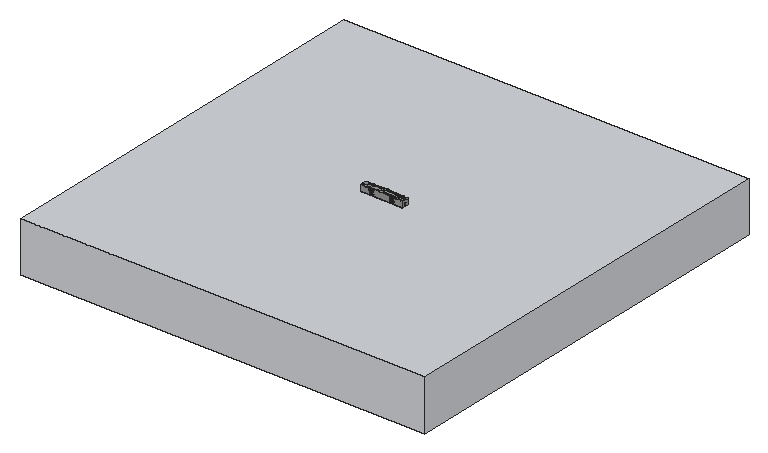
Revit family "Hekatron_Feststellanlagen_RSZ Kompakt Set si_DE_22.01", category Brandmelder, Revit 2018
Family settings
  Basisbauteil = Fläche
  Beschriftungsausrichtung beibehalten = Ja
  Bemaßung runder Anschluss = Durchmesser verwenden
  Teiletyp = Normal
  OmniClass-Nummer = 23.85.30.21
  OmniClass-Titel = Environmental Detection/Registration
  Beim Laden mit Abzugskörper schneiden = Nein
  Gemeinsam genutzt = Nein
  Raumberechnungspunkt = Nein
Parameters (values of type "RSZ Compact Set si")
  Zulässige Umgebungstemperatur = "-20 °C bis +45 °C"
  Zulässige Luftgeschwindigkeit = ""
  Zulassungen nach EN 54 = ""
  Width [instance] = 36 mm
  Version des BIM Objektes = "22.01"
  VdS-Anerkennung = ""
  URL = "https://www.hekatron-brandschutz.de"
  UB A&S Artikel Nummer = "31-5300001-02-01"
  Typenkommentare = "Rauchschalter-Zentrale Kompakt Set silber"
  Tiefe (mm) = "36.0"
  Stromaufnahme = ""
  Schutzart = "IP 40"
  Rauchteil einstellbar = ""
  Nettogewicht (g) = ""
  Montageart = "Wand- oder Sturzmontage"
  Modell = "RSZ Kompakt Set si"
  Material = "PC"
  Link zum Datenblatt = "https://www.hekatron-planungstools.de/doku/_14108382.pdf"
  Link zu ausschreiben.de = "http://www.ausschreiben.de/katalog/Hekatron/position/57"
  Link zu Produktinformation = "https://www.hekatron-planungstools.de/Produktinfo/RSZ_Kompakt_Set_si.PDF"
  Link zu Ausschreibungstext = "https://www.meinhplus.de/login"
  Leistungserklärung (DoP) = ""
  Lautstärke DIN-Ton (dB) = ""
  Kabeleinführung = "hinten, seitlich"
  Höhe (mm) = "46.0"
  Hersteller = "Hekatron"
  Heigth [instance] = 250 mm
  Funktionsprinzip = ""
  Farbe = "silber, ähnlich RAL 9006"
  Ex-Zonen = ""
  Einstellung Temperaturklasse nach EN 54-5 = ""
  Einstellung Temperaturindex nach EN 54-5 = ""
  Einstellung Rauchempfindlichkeit nach EN 54-20 = ""
  Einstellen Rauchempfindlichkeit nach EN 54-7 = ""
  EG-Konformitätszertifikat / Zertifikat der Leistungsbeständigkeit = ""
  Durchmesser (mm) = ""
  Depth [instance] = 49.488 mm
  Vorgabe-Ansicht = 1200 mm
  Breite (mm) = "250.0"
  Betriebsspannung = "230 V AC"
  Beschreibung = "Die RSZ Kompakt ist eine Rauchschaltzentrale in kompakter Bauform mit integriertem Sturzrauchschalter für den Einsatz an Brand- und Rauchschutztüren. Durch die kompakte Bauform und ihr variables Design ist sie speziell für die Kombination mit Türschließern mit integrierter Feststellung geeignet. Die RSZ Kompakt kann direkt auf dem Türrahmen neben- oder gegenüber dem Türschließer montiert werden. Zum Einsatz kommt sie in Feststellanlagen in den verschiedenen Anwendungen in Industrie- und Verwaltungsgebäuden."
  Bauartgenehmigungen = "Z-6.500-2393"
  Anzahl Ansaugleitungen = ""
  Ansprechtemperatur = ""
  Alarm- & Empfindlichkeitsbereich = ""
Types (2, lengths in mm): name | URL | Typenkommentare | Modell | Beschreibung
  (no name) | "www.hekatron-brandschutz.de" | 0 | "RSZ Compact Set si" | 0
  RSZ Compact Set si | "https://www.hekatron-brandschutz.de" | "Rauchschalter-Zentrale Kompakt Set silber" | "RSZ Kompakt Set si" | "Die RSZ Kompakt ist eine Rauchschaltzentrale in kompakter Bauform mit integriertem Sturzrauchschalter für den Einsatz an Brand- und Rauchschutztüren. Durch die kompakte Bauform und ihr variables Design ist sie speziell für die Kombination mit Türschließern mit integrierter Feststellung geeignet. Die RSZ Kompakt kann direkt auf dem Türrahmen neben- oder gegenüber dem Türschließer montiert werden. Zum Einsatz kommt sie in Feststellanlagen in den verschiedenen Anwendungen in Industrie- und Verwaltungsgebäuden."
Values of the unnamed type that differ from the named types
  Zulässige Umgebungstemperatur = ""
  Version des BIM Objektes = ""
  UB A&S Artikel Nummer = ""
  Tiefe (mm) = ""
  Schutzart = ""
  Montageart = ""
  Material = ""
  Link zum Datenblatt = ""
  Link zu ausschreiben.de = ""
  Link zu Produktinformation = ""
  Link zu Ausschreibungstext = ""
  Kabeleinführung = ""
  Höhe (mm) = ""
  Farbe = ""
  Breite (mm) = ""
  Betriebsspannung = ""
  Bauartgenehmigungen = ""
Reference planes
  plane 1 "Center (Front/Back)": y = 0
  plane 2: z = 0
  plane 3 "Center (Left/Right)": x = 0
Forms (mm)
  Extrusion 1, solid
    sketch origin (0, 0, 0) x (1, 0, 0) y (0, 1, 0)
      loop
        line (-1219.2, 1219.2) -> (-1219.2, -1219.2) -> (1219.2, -1219.2) -> (1219.2, 1219.2) -> (-1219.2, 1219.2)
    from 0 to -304.8
  Blend 2, solid, material "PC/ABS Plastic, RAL 9006"
    base sketch origin (4.543, 146.851, 0) x (1, 0, 0) y (0, 1, 0)
      loop
        line (-127.243, -131.301) -> (-127.243, -162.401) -> (118.157, -162.401) -> (118.157, -131.301) -> (-127.243, -131.301)
    top sketch origin (4.543, 146.851, 0) x (1, 0, 0) y (0, 1, 0)
      loop
        line (-127.443, -131.101) -> (-127.443, -162.601) -> (118.357, -162.601) -> (118.357, -131.101) -> (-127.443, -131.101)
    from 4.5 to 0
  Sweep 3, solid, material "PC/ABS Plastic, RAL 9006"
    path in 3D
      loop
        line (125, 18, 41.502) -> (124.004, 18, 41.502)
        arc (124.004, 18, 41.502) -> (107.669, 18, 42.07) -> (91.402, 18, 43.65) r 263.563
        arc (91.402, 18, 43.65) -> (0, 18, 49.5) -> (-91.402, 18, 43.65) r 717
        arc (-91.402, 18, 43.65) -> (-107.669, 18, 42.07) -> (-124.004, 18, 41.502) r 263.562
        line (-124.004, 18, 41.502) -> (-125, 18, 41.502)
    profile origin (0, 18, 49.5) x (0, 0, 1) y (0, 1, 0)
      loop
        line (-4.251, 0) -> (-4.251, -36)
        arc (-4.251, -36) -> (-3.047, -35.597) -> (-2.328, -34.552) r 2
        arc (-2.328, -34.552) -> (-0.905, -28.383) -> (-0.14, -22.098) r 60
        arc (-0.14, -22.098) -> (0, -18) -> (-0.14, -13.902) r 60
        arc (-0.14, -13.902) -> (-0.905, -7.617) -> (-2.328, -1.448) r 60
        arc (-2.328, -1.448) -> (-3.047, -0.403) -> (-4.251, 0) r 2
  Extrusion 4, solid, material "PC/ABS Plastic, RAL 9006"
    sketch origin (0, 0, 0) x (1, 0, 0) y (0, 0, 1)
      loop
        line (-125, 37.251) -> (-125, 4.5) -> (125, 4.5) -> (125, 37.251) -> (123.996, 37.251)
        arc (123.996, 37.251) -> (107.394, 37.829) -> (90.86, 39.434) r 267.813
        arc (90.86, 39.434) -> (0, 45.249) -> (-90.86, 39.434) r 712.749
        arc (-90.86, 39.434) -> (-107.394, 37.829) -> (-123.996, 37.251) r 267.813
        line (-123.996, 37.251) -> (-125, 37.251)
    from -18 to 18
  Extrusion 5, void
    sketch origin (0, 0, 0) x (0, 1, 0) y (0, 0, 1)
      loop
        line (7.25, 7.941) -> (7.25, 25.316)
        arc (7.25, 25.316) -> (6.929, 26.244) -> (6.102, 26.774) r 1.5
        arc (6.102, 26.774) -> (0, 27.5) -> (-6.102, 26.774) r 26
        arc (-6.102, 26.774) -> (-6.929, 26.244) -> (-7.25, 25.316) r 1.5
        line (-7.25, 25.316) -> (-7.25, 7.962)
        arc (-7.25, 7.962) -> (-10.042, 7.271) -> (-12.77, 6.359) r 36
        arc (-12.77, 6.359) -> (-13.213, 6.027) -> (-13.412, 5.511) r 1
        line (-13.412, 5.511) -> (-13.5, 4.5) -> (-12.697, 4.5) -> (-12.584, 5.788)
        arc (-12.584, 5.788) -> (-0.016, 8.1) -> (12.554, 5.799) r 35.4
        line (12.554, 5.799) -> (12.695, 4.5) -> (13.5, 4.5) -> (13.39, 5.509)
        arc (13.39, 5.509) -> (13.196, 6.015) -> (12.763, 6.339) r 0.979
        arc (12.763, 6.339) -> (10.038, 7.25) -> (7.25, 7.941) r 35.979
      loop
        arc (5.961, 26.191) -> (0, 26.9) -> (-5.961, 26.191) r 25.4
        arc (-5.961, 26.191) -> (-6.457, 25.872) -> (-6.65, 25.316) r 0.9
        line (-6.65, 25.316) -> (-6.65, 21.362)
        arc (-6.65, 21.362) -> (0, 22.5) -> (6.65, 21.362) r 20
        line (6.65, 21.362) -> (6.65, 25.316)
        arc (6.65, 25.316) -> (6.457, 25.872) -> (5.961, 26.191) r 0.9
      loop
        arc (6.03, 20.939) -> (0, 21.9) -> (-6.03, 20.939) r 19.4
        arc (-6.03, 20.939) -> (-6.479, 20.612) -> (-6.65, 20.084) r 0.9
        line (-6.65, 20.084) -> (-6.65, 8.08)
        arc (-6.65, 8.08) -> (-5.329, 8.303) -> (-4, 8.477) r 36
        line (-4, 8.477) -> (-4, 18.712)
        arc (-4, 18.712) -> (-3.675, 19.645) -> (-2.841, 20.173) r 1.5
        arc (-2.841, 20.173) -> (0, 20.5) -> (2.841, 20.173) r 12.5
        arc (2.841, 20.173) -> (3.675, 19.645) -> (4, 18.712) r 1.5
        line (4, 18.712) -> (4, 8.477)
        arc (4, 8.477) -> (5.329, 8.303) -> (6.65, 8.08) r 36
        line (6.65, 8.08) -> (6.65, 20.084)
        arc (6.65, 20.084) -> (6.479, 20.612) -> (6.03, 20.939) r 0.9
      loop
        line (3.4, 8.539) -> (3.4, 18.712)
        arc (3.4, 18.712) -> (3.205, 19.272) -> (2.705, 19.589) r 0.9
        arc (2.705, 19.589) -> (0, 19.9) -> (-2.705, 19.589) r 11.9
        arc (-2.705, 19.589) -> (-3.205, 19.272) -> (-3.4, 18.712) r 0.9
        line (-3.4, 18.712) -> (-3.4, 8.539)
        arc (-3.4, 8.539) -> (0, 8.7) -> (3.4, 8.539) r 36
    from 123.5 to 125
  Extrusion 6, void
    sketch origin (0, 0, 0) x (0, 1, 0) y (0, 0, -1)
      loop
        arc (7.25, -7.941) -> (10.038, -7.25) -> (12.763, -6.339) r 35.979
        arc (12.763, -6.339) -> (13.196, -6.015) -> (13.39, -5.509) r 0.979
        line (13.39, -5.509) -> (13.5, -4.5) -> (12.695, -4.5) -> (12.554, -5.799)
        arc (12.554, -5.799) -> (-0.016, -8.1) -> (-12.584, -5.788) r 35.4
        line (-12.584, -5.788) -> (-12.697, -4.5) -> (-13.5, -4.5) -> (-13.412, -5.511)
        arc (-13.412, -5.511) -> (-13.213, -6.027) -> (-12.77, -6.359) r 1
        arc (-12.77, -6.359) -> (-10.042, -7.271) -> (-7.25, -7.962) r 36
        line (-7.25, -7.962) -> (-7.25, -25.316)
        arc (-7.25, -25.316) -> (-6.929, -26.244) -> (-6.102, -26.774) r 1.5
        arc (-6.102, -26.774) -> (0, -27.5) -> (6.102, -26.774) r 26
        arc (6.102, -26.774) -> (6.929, -26.244) -> (7.25, -25.316) r 1.5
        line (7.25, -25.316) -> (7.25, -7.941)
      loop
        arc (5.961, -26.191) -> (6.457, -25.872) -> (6.65, -25.316) r 0.9
        line (6.65, -25.316) -> (6.65, -21.362)
        arc (6.65, -21.362) -> (0, -22.5) -> (-6.65, -21.362) r 20
        line (-6.65, -21.362) -> (-6.65, -25.316)
        arc (-6.65, -25.316) -> (-6.457, -25.872) -> (-5.961, -26.191) r 0.9
        arc (-5.961, -26.191) -> (0, -26.9) -> (5.961, -26.191) r 25.4
      loop
        arc (6.03, -20.939) -> (6.479, -20.612) -> (6.65, -20.084) r 0.9
        line (6.65, -20.084) -> (6.65, -8.08)
        arc (6.65, -8.08) -> (5.329, -8.303) -> (4, -8.477) r 36
        line (4, -8.477) -> (4, -18.712)
        arc (4, -18.712) -> (3.675, -19.645) -> (2.841, -20.173) r 1.5
        arc (2.841, -20.173) -> (0, -20.5) -> (-2.841, -20.173) r 12.5
        arc (-2.841, -20.173) -> (-3.675, -19.645) -> (-4, -18.712) r 1.5
        line (-4, -18.712) -> (-4, -8.477)
        arc (-4, -8.477) -> (-5.329, -8.303) -> (-6.65, -8.08) r 36
        line (-6.65, -8.08) -> (-6.65, -20.084)
        arc (-6.65, -20.084) -> (-6.479, -20.612) -> (-6.03, -20.939) r 0.9
        arc (-6.03, -20.939) -> (0, -21.9) -> (6.03, -20.939) r 19.4
      loop
        arc (3.4, -8.539) -> (0, -8.7) -> (-3.4, -8.539) r 36
        line (-3.4, -8.539) -> (-3.4, -18.712)
        arc (-3.4, -18.712) -> (-3.205, -19.272) -> (-2.705, -19.589) r 0.9
        arc (-2.705, -19.589) -> (0, -19.9) -> (2.705, -19.589) r 11.9
        arc (2.705, -19.589) -> (3.205, -19.272) -> (3.4, -18.712) r 0.9
        line (3.4, -18.712) -> (3.4, -8.539)
    from 123.5 to 125
  Extrusion 7, void
    sketch origin (0, 0, 0) x (1, 0, 0) y (0, 1, 0)
      loop
        circle (0, 0) r 4.1
    from 48 to 49.584
  Revolve 8, solid, material "Plastic, Transparent"
    sketch origin (0, 0, 0) x (1, 0, 0) y (0, 0, 1)
      loop
        arc (0, 50.2) -> (-1.942, 50.031) -> (-3.824, 49.528) r 11.214
        line (-3.824, 49.528) -> (-3.824, 48.682) -> (0, 48.682) -> (0, 50.2)
      axis (0, 50.2) -> (0, 48.682)
    angle from 0 to 360
  Extrusion 9, void
    sketch origin (0, 0, 0) x (1, 0, 0) y (0, 0, 1)
      loop
        spline (77.025, 37.251) -> (74.428, 37.437) -> (71.828, 37.59) -> (69.227, 37.709) -> (66.625, 37.794) -> (64.021, 37.845) -> (61.417, 37.862) -> (58.813, 37.845) -> (56.21, 37.795) -> (53.607, 37.71) -> (51.006, 37.592) -> (48.407, 37.439) -> (45.809, 37.253)
        line (45.809, 37.253) -> (46.268, 33.954)
        spline (46.268, 33.954) -> (48.788, 34.132) -> (51.311, 34.278) -> (53.835, 34.391) -> (56.361, 34.472) -> (58.888, 34.521) -> (61.415, 34.537) -> (63.941, 34.521) -> (66.468, 34.472) -> (68.994, 34.39) -> (71.518, 34.277) -> (74.041, 34.13) -> (76.561, 33.952)
        line (76.561, 33.952) -> (77.025, 37.251)
      loop
        spline (76.202, 31.399) -> (73.741, 31.571) -> (71.278, 31.712) -> (68.813, 31.822) -> (66.347, 31.901) -> (63.88, 31.948) -> (61.412, 31.964) -> (58.945, 31.948) -> (56.478, 31.901) -> (54.012, 31.823) -> (51.547, 31.713) -> (49.084, 31.573) -> (46.622, 31.4)
        line (46.622, 31.4) -> (47.081, 28.097)
        spline (47.081, 28.097) -> (49.466, 28.261) -> (51.852, 28.396) -> (54.24, 28.501) -> (56.629, 28.576) -> (59.019, 28.62) -> (61.41, 28.635) -> (63.8, 28.62) -> (66.19, 28.575) -> (68.579, 28.5) -> (70.967, 28.395) -> (73.354, 28.26) -> (75.738, 28.095)
        line (75.738, 28.095) -> (76.202, 31.399)
      loop
        spline (75.38, 25.546) -> (73.054, 25.704) -> (70.727, 25.834) -> (68.399, 25.935) -> (66.069, 26.008) -> (63.738, 26.051) -> (61.408, 26.066) -> (59.077, 26.051) -> (56.746, 26.008) -> (54.417, 25.936) -> (52.088, 25.835) -> (49.761, 25.705) -> (47.435, 25.547)
        line (47.435, 25.547) -> (47.908, 22.14)
        spline (47.908, 22.14) -> (50.155, 22.291) -> (52.403, 22.414) -> (54.652, 22.51) -> (56.902, 22.579) -> (59.153, 22.62) -> (61.405, 22.633) -> (63.656, 22.62) -> (65.907, 22.578) -> (68.157, 22.51) -> (70.407, 22.414) -> (72.655, 22.29) -> (74.901, 22.139)
        line (74.901, 22.139) -> (75.38, 25.546)
    from 15.75 to 18
  Extrusion 10, void
    sketch origin (0, 0, 0) x (1, 0, 0) y (0, 0, 1)
      loop
        spline (77.025, 37.251) -> (74.428, 37.437) -> (71.828, 37.59) -> (69.227, 37.709) -> (66.625, 37.794) -> (64.021, 37.845) -> (61.417, 37.862) -> (58.813, 37.845) -> (56.21, 37.795) -> (53.607, 37.71) -> (51.006, 37.592) -> (48.407, 37.439) -> (45.809, 37.253)
        line (45.809, 37.253) -> (49.01, 14.209)
        arc (49.01, 14.209) -> (49.284, 13.651) -> (49.835, 13.362) r 1
        arc (49.835, 13.362) -> (61.4, 12.4) -> (72.965, 13.362) r 70
        arc (72.965, 13.362) -> (73.545, 13.681) -> (73.798, 14.292) r 1
        line (73.798, 14.292) -> (77.025, 37.251)
    from 17.8 to 18
  Extrusion 11, void
    sketch origin (0, 0, 0) x (-1, 0, 0) y (0, 0, -1)
      loop
        line (77.025, -37.251) -> (76.561, -33.952)
        spline (76.561, -33.952) -> (74.041, -34.13) -> (71.518, -34.277) -> (68.994, -34.39) -> (66.468, -34.472) -> (63.941, -34.521) -> (61.415, -34.537) -> (58.888, -34.521) -> (56.361, -34.472) -> (53.835, -34.391) -> (51.311, -34.278) -> (48.788, -34.132) -> (46.268, -33.954)
        line (46.268, -33.954) -> (45.809, -37.253)
        spline (45.809, -37.253) -> (48.407, -37.439) -> (51.006, -37.592) -> (53.607, -37.71) -> (56.21, -37.795) -> (58.813, -37.845) -> (61.417, -37.862) -> (64.021, -37.845) -> (66.625, -37.794) -> (69.227, -37.709) -> (71.828, -37.59) -> (74.428, -37.437) -> (77.025, -37.251)
      loop
        line (76.202, -31.399) -> (75.738, -28.095)
        spline (75.738, -28.095) -> (73.354, -28.26) -> (70.967, -28.395) -> (68.579, -28.5) -> (66.19, -28.575) -> (63.8, -28.62) -> (61.41, -28.635) -> (59.019, -28.62) -> (56.629, -28.576) -> (54.24, -28.501) -> (51.852, -28.396) -> (49.466, -28.261) -> (47.081, -28.097)
        line (47.081, -28.097) -> (46.622, -31.4)
        spline (46.622, -31.4) -> (49.084, -31.573) -> (51.547, -31.713) -> (54.012, -31.823) -> (56.478, -31.901) -> (58.945, -31.948) -> (61.412, -31.964) -> (63.88, -31.948) -> (66.347, -31.901) -> (68.813, -31.822) -> (71.278, -31.712) -> (73.741, -31.571) -> (76.202, -31.399)
      loop
        line (75.38, -25.546) -> (74.901, -22.139)
        spline (74.901, -22.139) -> (72.655, -22.29) -> (70.407, -22.414) -> (68.157, -22.51) -> (65.907, -22.578) -> (63.656, -22.62) -> (61.405, -22.633) -> (59.153, -22.62) -> (56.902, -22.579) -> (54.652, -22.51) -> (52.403, -22.414) -> (50.155, -22.291) -> (47.908, -22.14)
        line (47.908, -22.14) -> (47.435, -25.547)
        spline (47.435, -25.547) -> (49.761, -25.705) -> (52.088, -25.835) -> (54.417, -25.936) -> (56.746, -26.008) -> (59.077, -26.051) -> (61.408, -26.066) -> (63.738, -26.051) -> (66.069, -26.008) -> (68.399, -25.935) -> (70.727, -25.834) -> (73.054, -25.704) -> (75.38, -25.546)
    from 15.75 to 18
  Extrusion 12, void
    sketch origin (0, 0, 0) x (-1, 0, 0) y (0, 0, -1)
      loop
        line (77.025, -37.251) -> (73.798, -14.292)
        arc (73.798, -14.292) -> (73.545, -13.681) -> (72.965, -13.362) r 1
        arc (72.965, -13.362) -> (61.4, -12.4) -> (49.835, -13.362) r 70
        arc (49.835, -13.362) -> (49.284, -13.651) -> (49.01, -14.209) r 1
        line (49.01, -14.209) -> (45.809, -37.253)
        spline (45.809, -37.253) -> (48.407, -37.439) -> (51.006, -37.592) -> (53.607, -37.71) -> (56.21, -37.795) -> (58.813, -37.845) -> (61.417, -37.862) -> (64.021, -37.845) -> (66.625, -37.794) -> (69.227, -37.709) -> (71.828, -37.59) -> (74.428, -37.437) -> (77.025, -37.251)
    from 17.8 to 18
  Extrusion 13, void
    sketch origin (0, 0, 0) x (1, 0, 0) y (0, 0, -1)
      loop
        line (77.025, -37.251) -> (76.561, -33.952)
        spline (76.561, -33.952) -> (74.041, -34.13) -> (71.518, -34.277) -> (68.994, -34.39) -> (66.468, -34.472) -> (63.941, -34.521) -> (61.415, -34.537) -> (58.888, -34.521) -> (56.361, -34.472) -> (53.835, -34.391) -> (51.311, -34.278) -> (48.788, -34.132) -> (46.268, -33.954)
        line (46.268, -33.954) -> (45.809, -37.253)
        spline (45.809, -37.253) -> (48.407, -37.439) -> (51.006, -37.592) -> (53.607, -37.71) -> (56.21, -37.795) -> (58.813, -37.845) -> (61.417, -37.862) -> (64.021, -37.845) -> (66.625, -37.794) -> (69.227, -37.709) -> (71.828, -37.59) -> (74.428, -37.437) -> (77.025, -37.251)
      loop
        arc (49.835, -13.362) -> (49.284, -13.651) -> (49.01, -14.209) r 1
        line (49.01, -14.209) -> (48.47, -18.097) -> (62.397, -18.097) -> (62.397, -12.407)
        arc (62.397, -12.407) -> (56.094, -12.601) -> (49.835, -13.362) r 70
      loop
        line (76.202, -31.399) -> (75.738, -28.095)
        spline (75.738, -28.095) -> (73.354, -28.26) -> (70.967, -28.395) -> (68.579, -28.5) -> (66.19, -28.575) -> (63.8, -28.62) -> (61.41, -28.635) -> (59.019, -28.62) -> (56.629, -28.576) -> (54.24, -28.501) -> (51.852, -28.396) -> (49.466, -28.261) -> (47.081, -28.097)
        line (47.081, -28.097) -> (46.622, -31.4)
        spline (46.622, -31.4) -> (49.084, -31.573) -> (51.547, -31.713) -> (54.012, -31.823) -> (56.478, -31.901) -> (58.945, -31.948) -> (61.412, -31.964) -> (63.88, -31.948) -> (66.347, -31.901) -> (68.813, -31.822) -> (71.278, -31.712) -> (73.741, -31.571) -> (76.202, -31.399)
      loop
        line (75.38, -25.546) -> (74.901, -22.139)
        spline (74.901, -22.139) -> (72.655, -22.29) -> (70.407, -22.414) -> (68.157, -22.51) -> (65.907, -22.578) -> (63.656, -22.62) -> (61.405, -22.633) -> (59.153, -22.62) -> (56.902, -22.579) -> (54.652, -22.51) -> (52.403, -22.414) -> (50.155, -22.291) -> (47.908, -22.14)
        line (47.908, -22.14) -> (47.435, -25.547)
        spline (47.435, -25.547) -> (49.761, -25.705) -> (52.088, -25.835) -> (54.417, -25.936) -> (56.746, -26.008) -> (59.077, -26.051) -> (61.408, -26.066) -> (63.738, -26.051) -> (66.069, -26.008) -> (68.399, -25.935) -> (70.727, -25.834) -> (73.054, -25.704) -> (75.38, -25.546)
    from 15.75 to 18
  Extrusion 14, void
    sketch origin (0, 0, 0) x (1, 0, 0) y (0, 0, -1)
      loop
        line (77.025, -37.251) -> (73.798, -14.292)
        arc (73.798, -14.292) -> (73.545, -13.681) -> (72.965, -13.362) r 1
        arc (72.965, -13.362) -> (61.4, -12.4) -> (49.835, -13.362) r 70
        arc (49.835, -13.362) -> (49.284, -13.651) -> (49.01, -14.209) r 1
        line (49.01, -14.209) -> (45.809, -37.253)
        spline (45.809, -37.253) -> (48.407, -37.439) -> (51.006, -37.592) -> (53.607, -37.71) -> (56.21, -37.795) -> (58.813, -37.845) -> (61.417, -37.862) -> (64.021, -37.845) -> (66.625, -37.794) -> (69.227, -37.709) -> (71.828, -37.59) -> (74.428, -37.437) -> (77.025, -37.251)
    from 17.8 to 18
  Extrusion 15, void
    sketch origin (0, 0, 0) x (-1, 0, 0) y (0, 0, 1)
      loop
        spline (77.025, 37.251) -> (74.428, 37.437) -> (71.828, 37.59) -> (69.227, 37.709) -> (66.625, 37.794) -> (64.021, 37.845) -> (61.417, 37.862) -> (58.813, 37.845) -> (56.21, 37.795) -> (53.607, 37.71) -> (51.006, 37.592) -> (48.407, 37.439) -> (45.809, 37.253)
        line (45.809, 37.253) -> (46.268, 33.954)
        spline (46.268, 33.954) -> (48.788, 34.132) -> (51.311, 34.278) -> (53.835, 34.391) -> (56.361, 34.472) -> (58.888, 34.521) -> (61.415, 34.537) -> (63.941, 34.521) -> (66.468, 34.472) -> (68.994, 34.39) -> (71.518, 34.277) -> (74.041, 34.13) -> (76.561, 33.952)
        line (76.561, 33.952) -> (77.025, 37.251)
      loop
        arc (49.835, 13.362) -> (56.094, 12.601) -> (62.397, 12.407) r 70
        line (62.397, 12.407) -> (62.397, 18.097) -> (48.47, 18.097) -> (49.01, 14.209)
        arc (49.01, 14.209) -> (49.284, 13.651) -> (49.835, 13.362) r 1
      loop
        spline (76.202, 31.399) -> (73.741, 31.571) -> (71.278, 31.712) -> (68.813, 31.822) -> (66.347, 31.901) -> (63.88, 31.948) -> (61.412, 31.964) -> (58.945, 31.948) -> (56.478, 31.901) -> (54.012, 31.823) -> (51.547, 31.713) -> (49.084, 31.573) -> (46.622, 31.4)
        line (46.622, 31.4) -> (47.081, 28.097)
        spline (47.081, 28.097) -> (49.466, 28.261) -> (51.852, 28.396) -> (54.24, 28.501) -> (56.629, 28.576) -> (59.019, 28.62) -> (61.41, 28.635) -> (63.8, 28.62) -> (66.19, 28.575) -> (68.579, 28.5) -> (70.967, 28.395) -> (73.354, 28.26) -> (75.738, 28.095)
        line (75.738, 28.095) -> (76.202, 31.399)
      loop
        spline (75.38, 25.546) -> (73.054, 25.704) -> (70.727, 25.834) -> (68.399, 25.935) -> (66.069, 26.008) -> (63.738, 26.051) -> (61.408, 26.066) -> (59.077, 26.051) -> (56.746, 26.008) -> (54.417, 25.936) -> (52.088, 25.835) -> (49.761, 25.705) -> (47.435, 25.547)
        line (47.435, 25.547) -> (47.908, 22.14)
        spline (47.908, 22.14) -> (50.155, 22.291) -> (52.403, 22.414) -> (54.652, 22.51) -> (56.902, 22.579) -> (59.153, 22.62) -> (61.405, 22.633) -> (63.656, 22.62) -> (65.907, 22.578) -> (68.157, 22.51) -> (70.407, 22.414) -> (72.655, 22.29) -> (74.901, 22.139)
        line (74.901, 22.139) -> (75.38, 25.546)
    from 15.75 to 18
  Extrusion 16, void
    sketch origin (0, 0, 0) x (-1, 0, 0) y (0, 0, 1)
      loop
        spline (77.025, 37.251) -> (74.428, 37.437) -> (71.828, 37.59) -> (69.227, 37.709) -> (66.625, 37.794) -> (64.021, 37.845) -> (61.417, 37.862) -> (58.813, 37.845) -> (56.21, 37.795) -> (53.607, 37.71) -> (51.006, 37.592) -> (48.407, 37.439) -> (45.809, 37.253)
        line (45.809, 37.253) -> (49.01, 14.209)
        arc (49.01, 14.209) -> (49.284, 13.651) -> (49.835, 13.362) r 1
        arc (49.835, 13.362) -> (61.4, 12.4) -> (72.965, 13.362) r 70
        arc (72.965, 13.362) -> (73.545, 13.681) -> (73.798, 14.292) r 1
        line (73.798, 14.292) -> (77.025, 37.251)
    from 17.8 to 18
  Extrusion 17, void
    sketch origin (0, 0, 0) x (1, 0, 0) y (0, 0, 1)
      loop
        circle (0, 38.5) r 1.728
    from -17.2 to -18
  Revolve 18, solid, material "Plastic, Transparent"
    sketch origin (0, 0, 38.5) x (1, 0, 0) y (0, 1, 0)
      loop
        line (-1.5, 18) -> (-1.5, 17.2) -> (0, 17.2) -> (0, 18.3)
        arc (0, 18.3) -> (-0.765, 18.224) -> (-1.5, 18) r 3.9
      axis (0, 18.3) -> (0, 17.2)
    angle from 0 to 360
  Blend 19, void
    base sketch origin (0, 0, 0) x (1, 0, 0) y (0, 0, 1)
      loop
        circle (-7.1, 24.7) r 2.57
    top sketch origin (0, 0, 0) x (1, 0, 0) y (0, 0, 1)
      loop
        circle (-7.1, 24.7) r 1.665
    from -18 to -13
  Extrusion 20, void
    sketch origin (0, 0, 0) x (1, 0, 0) y (0, 0, 1)
      loop
        line (-118.898, 0) -> (-4.096, 0) -> (-4.829, 0.423) -> (-118.165, 0.423) -> (-118.898, 0)
      loop
        line (118.898, 0) -> (118.165, 0.423) -> (4.829, 0.423) -> (4.096, 0) -> (118.898, 0)
    from -18 to 18
  Extrusion 21, void
    sketch origin (0, 0, 0) x (0, 1, 0) y (0, 0, 1)
      loop
        line (11.759, 0) -> (11.025, 0.423) -> (-11.024, 0.423) -> (-11.757, 0) -> (11.759, 0)
    from -125 to 125
Cuts and joins
  Extrusion 5, Extrusion 7, Extrusion 20, Extrusion 21 cuts Blend 2
  Extrusion 5, Extrusion 6, Extrusion 7, Extrusion 9, Extrusion 10, Extrusion 11, Extrusion 12, Extrusion 13, Extrusion 14, Extrusion 15, Extrusion 16, Extrusion 17, Blend 19 cuts Extrusion 4
  Extrusion 7 cuts Sweep 3
Lines and regions (mm)
  sketch lines
    curve 1: arc (91.402, 18, 43.65) -> (0, 18, 49.5) -> (-91.402, 18, 43.65) r 717
    curve 2: arc (124.004, 18, 41.502) -> (107.669, 18, 42.07) -> (91.402, 18, 43.65) r 263.563
    curve 3: line (124.004, 18, 41.502) -> (125, 18, 41.502)
    curve 4: arc (-91.402, 18, 43.65) -> (-107.669, 18, 42.07) -> (-124.004, 18, 41.502) r 263.562
    curve 5: line (-125, 18, 41.502) -> (-124.004, 18, 41.502)
Dimensions and locks
  "Heigth": cut or joined group of Sweep 3, Extrusion 7 to cut or joined group of Sweep 3, Extrusion 7
  "Width": cut or joined group 1 (Extrusion 4, Extrusion 5, Extrusion 6, Extrusion 7, Extrusion 9, Extrusion 10, Extrusion 11, Extrusion 12, Extrusion 13, Extrusion 14, Extrusion 15, Extrusion 16, Extrusion 17, Blend 19) to cut or joined group 1
  "Depth": cut or joined group of Sweep 3, Extrusion 7 to Extrusion 1
  aligned and locked: plane 2 to Extrusion 1
  aligned and locked: level to Extrusion 1
Automatic sketch dimensions
  Extrusion 1 sketch curve to Extrusion 1 sketch curve = 2438.4 mm  (x2)
  Blend 2 sketch curve to plane 1 "Center (Front/Back)" = 15.55 mm
  Blend 2 sketch curve to plane 3 "Center (Left/Right)" = 122.7 mm
  plane 1 "Center (Front/Back)" to Blend 2 sketch curve = 15.55 mm
  plane 3 "Center (Left/Right)" to Blend 2 sketch curve = 122.7 mm
  plane 1 "Center (Front/Back)" to Blend 2 sketch curve = 15.75 mm
  Blend 2 sketch curve to plane 3 "Center (Left/Right)" = 122.9 mm
  plane 3 "Center (Left/Right)" to Blend 2 sketch curve = 122.9 mm
  Blend 2 sketch curve to plane 1 "Center (Front/Back)" = 15.75 mm
  Sweep 3 sketch curve to Sweep 3 sketch curve = 0 mm  (x7)
  Sweep 3 sketch curve to profile plane = 0 mm
  Sweep 3 sketch curve to profile plane = 18 mm
  profile plane to Sweep 3 sketch curve = 60 mm
  profile plane to Sweep 3 sketch curve = 4.251 mm
  Sweep 3 sketch curve to profile plane = 34 mm
  Sweep 3 sketch curve to Sweep 3 sketch curve = 2 mm  (x2)
  profile plane to Sweep 3 sketch curve = 0.14 mm  (x2)
  plane 3 "Center (Left/Right)" to Extrusion 4 sketch curve = 0 mm
  level to Extrusion 4 sketch curve = 37.251 mm  (x2)
  Extrusion 4 sketch curve to plane 3 "Center (Left/Right)" = 123.996 mm
  Extrusion 4 sketch curve to Extrusion 4 sketch curve = 1.004 mm  (x2)
  Extrusion 4 sketch curve to plane 3 "Center (Left/Right)" = 125 mm
  plane 3 "Center (Left/Right)" to Extrusion 4 sketch curve = 123.996 mm
  plane 3 "Center (Left/Right)" to Extrusion 4 sketch curve = 125 mm
  level to Extrusion 4 sketch curve = 4.5 mm
  Extrusion 4 sketch curve to level = 667.5 mm
  Extrusion 4 sketch curve to Extrusion 4 sketch curve = 267.811 mm
  Extrusion 4 sketch curve to Extrusion 4 sketch curve = 0 mm  (x2)
  Extrusion 5 sketch curve to Extrusion 5 sketch curve = 0 mm  (x51)
  Extrusion 5 sketch curve to plane 1 "Center (Front/Back)" = 0 mm  (x4)
  plane 1 "Center (Front/Back)" to Extrusion 5 sketch curve = 2.5 mm
  plane 1 "Center (Front/Back)" to Extrusion 5 sketch curve = 3.4 mm
  Extrusion 5 sketch curve to Extrusion 5 sketch curve = 0.6 mm  (x4)
  plane 1 "Center (Front/Back)" to Extrusion 5 sketch curve = 5.75 mm
  Extrusion 5 sketch curve to Extrusion 5 sketch curve = 1.75 mm  (x2)
  Extrusion 5 sketch curve to Extrusion 5 sketch curve = 0.9 mm  (x2)
  Extrusion 5 sketch curve to Extrusion 5 sketch curve = 2.65 mm  (x2)
  Extrusion 5 sketch curve to Extrusion 5 sketch curve = 5.165 mm  (x2)
  level to Extrusion 5 sketch curve = 5.788 mm
  Extrusion 5 sketch curve to Extrusion 5 sketch curve = 0.169 mm
  Extrusion 5 sketch curve to Extrusion 5 sketch curve = 0.282 mm
  level to Extrusion 5 sketch curve = 5.511 mm
  Extrusion 5 sketch curve to Extrusion 5 sketch curve = 0.827 mm
  Extrusion 5 sketch curve to Extrusion 5 sketch curve = 0.803 mm
  Extrusion 5 sketch curve to plane 1 "Center (Front/Back)" = 2.5 mm
  Extrusion 5 sketch curve to plane 1 "Center (Front/Back)" = 3.4 mm
  level to Extrusion 5 sketch curve = 5.799 mm
  Extrusion 5 sketch curve to Extrusion 5 sketch curve = 0.139 mm
  Extrusion 5 sketch curve to Extrusion 5 sketch curve = 0.28 mm
  level to Extrusion 5 sketch curve = 5.509 mm
  Extrusion 5 sketch curve to Extrusion 5 sketch curve = 0.836 mm
  level to Extrusion 5 sketch curve = 4.5 mm
  Extrusion 5 sketch curve to Extrusion 5 sketch curve = 0.805 mm
  level to Extrusion 5 sketch curve = 1.5 mm
  Extrusion 5 sketch curve to Extrusion 5 sketch curve = 1 mm
  Extrusion 5 sketch curve to Extrusion 5 sketch curve = 1.011 mm
  Extrusion 5 sketch curve to Extrusion 5 sketch curve = 0.375 mm
  Extrusion 5 sketch curve to Extrusion 5 sketch curve = 0.364 mm
  Extrusion 5 sketch curve to Extrusion 5 sketch curve = 2.142 mm
  Extrusion 5 sketch curve to Extrusion 5 sketch curve = 1.603 mm
  Extrusion 5 sketch curve to Extrusion 5 sketch curve = 5.5 mm
  Extrusion 5 sketch curve to Extrusion 5 sketch curve = 0.118 mm
  Extrusion 5 sketch curve to Extrusion 5 sketch curve = 0.14 mm
  Extrusion 5 sketch curve to Extrusion 5 sketch curve = 0.062 mm
  Extrusion 5 sketch curve to Extrusion 5 sketch curve = 10.173 mm
  Extrusion 5 sketch curve to Extrusion 5 sketch curve = 1.372 mm  (x2)
  Extrusion 5 sketch curve to Extrusion 5 sketch curve = 0.423 mm
  Extrusion 5 sketch curve to Extrusion 5 sketch curve = 3.954 mm  (x2)
  Extrusion 6 sketch curve to Extrusion 6 sketch curve = 0 mm  (x51)
  Extrusion 6 sketch curve to plane 1 "Center (Front/Back)" = 0 mm  (x4)
  plane 1 "Center (Front/Back)" to Extrusion 6 sketch curve = 2.5 mm
  plane 1 "Center (Front/Back)" to Extrusion 6 sketch curve = 3.4 mm
  Extrusion 6 sketch curve to Extrusion 6 sketch curve = 0.6 mm  (x4)
  plane 1 "Center (Front/Back)" to Extrusion 6 sketch curve = 5.75 mm
  Extrusion 6 sketch curve to Extrusion 6 sketch curve = 1.75 mm  (x2)
  Extrusion 6 sketch curve to Extrusion 6 sketch curve = 0.9 mm  (x2)
  Extrusion 6 sketch curve to Extrusion 6 sketch curve = 2.65 mm  (x2)
  Extrusion 6 sketch curve to Extrusion 6 sketch curve = 5.165 mm  (x2)
  level to Extrusion 6 sketch curve = 5.788 mm
  Extrusion 6 sketch curve to Extrusion 6 sketch curve = 0.169 mm
  Extrusion 6 sketch curve to Extrusion 6 sketch curve = 0.282 mm
  level to Extrusion 6 sketch curve = 5.511 mm
  Extrusion 6 sketch curve to Extrusion 6 sketch curve = 0.827 mm
  Extrusion 6 sketch curve to Extrusion 6 sketch curve = 0.803 mm
  Extrusion 6 sketch curve to plane 1 "Center (Front/Back)" = 2.5 mm
  Extrusion 6 sketch curve to plane 1 "Center (Front/Back)" = 3.4 mm
  level to Extrusion 6 sketch curve = 5.799 mm
  Extrusion 6 sketch curve to Extrusion 6 sketch curve = 0.139 mm
  Extrusion 6 sketch curve to Extrusion 6 sketch curve = 0.28 mm
  level to Extrusion 6 sketch curve = 5.509 mm
  Extrusion 6 sketch curve to Extrusion 6 sketch curve = 0.836 mm
  level to Extrusion 6 sketch curve = 4.5 mm
  Extrusion 6 sketch curve to Extrusion 6 sketch curve = 0.805 mm
  Extrusion 6 sketch curve to Extrusion 6 sketch curve = 2.142 mm
  Extrusion 6 sketch curve to Extrusion 6 sketch curve = 2.175 mm
  Extrusion 6 sketch curve to Extrusion 6 sketch curve = 0.038 mm
  Extrusion 6 sketch curve to Extrusion 6 sketch curve = 0.118 mm
  Extrusion 6 sketch curve to Extrusion 6 sketch curve = 0.14 mm
  Extrusion 6 sketch curve to Extrusion 6 sketch curve = 0.062 mm
  Extrusion 6 sketch curve to Extrusion 6 sketch curve = 10.173 mm
  Extrusion 6 sketch curve to Extrusion 6 sketch curve = 1.372 mm  (x2)
  Extrusion 6 sketch curve to Extrusion 6 sketch curve = 1.278 mm
  Extrusion 6 sketch curve to Extrusion 6 sketch curve = 3.954 mm  (x2)
  Extrusion 6 sketch curve to Extrusion 6 sketch curve = 0.375 mm
  Extrusion 6 sketch curve to Extrusion 6 sketch curve = 0.364 mm
  Extrusion 6 sketch curve to Extrusion 6 sketch curve = 0.924 mm
  level to Extrusion 6 sketch curve = 2.5 mm
  Extrusion 6 sketch curve to Extrusion 6 sketch curve = 1 mm
  plane 1 "Center (Front/Back)" to Extrusion 7 sketch curve = 0 mm
  Extrusion 7 sketch curve to plane 3 "Center (Left/Right)" = 0 mm
  Revolve 8 sketch curve to plane 3 "Center (Left/Right)" = 0 mm  (x2)
  Revolve 8 sketch curve to Revolve 8 sketch curve = 3.824 mm
  level to Revolve 8 sketch curve = 38.986 mm
  Revolve 8 sketch curve to Revolve 8 sketch curve = 9.697 mm
  Revolve 8 sketch curve to Revolve 8 sketch curve = 0.845 mm
  Revolve 8 sketch curve to level = 609.6 mm
  Revolve 8 sketch curve to Revolve 8 sketch curve = 2558.858 mm
  plane 3 "Center (Left/Right)" to Extrusion 9 sketch curve = 45.809 mm
  Extrusion 9 sketch curve to Extrusion 9 sketch curve = 0.458 mm
  Extrusion 9 sketch curve to Extrusion 9 sketch curve = 0.355 mm
  Extrusion 9 sketch curve to Extrusion 9 sketch curve = 0.459 mm
  Extrusion 9 sketch curve to Extrusion 9 sketch curve = 0.354 mm
  level to Extrusion 9 sketch curve = 22.14 mm
  Extrusion 9 sketch curve to Extrusion 9 sketch curve = 0.473 mm
  Extrusion 9 sketch curve to Extrusion 9 sketch curve = 26.993 mm
  Extrusion 9 sketch curve to Extrusion 9 sketch curve = 0.479 mm
  Extrusion 9 sketch curve to Extrusion 9 sketch curve = 0.358 mm
  Extrusion 9 sketch curve to Extrusion 9 sketch curve = 0.464 mm  (x2)
  Extrusion 9 sketch curve to Extrusion 9 sketch curve = 0.359 mm
  level to Extrusion 9 sketch curve = 22.139 mm
  Extrusion 9 sketch curve to Extrusion 9 sketch curve = 3.406 mm
  Extrusion 9 sketch curve to Extrusion 9 sketch curve = 3.407 mm
  Extrusion 9 sketch curve to Extrusion 9 sketch curve = 2.55 mm  (x2)
  Extrusion 9 sketch curve to Extrusion 9 sketch curve = 3.303 mm
  Extrusion 9 sketch curve to Extrusion 9 sketch curve = 3.304 mm
  Extrusion 9 sketch curve to Extrusion 9 sketch curve = 2.553 mm  (x2)
  Extrusion 9 sketch curve to Extrusion 9 sketch curve = 3.299 mm
  Extrusion 9 sketch curve to Extrusion 9 sketch curve = 3.3 mm
  plane 3 "Center (Left/Right)" to Extrusion 9 sketch curve = 61.4 mm
  Extrusion 9 sketch curve to Extrusion 9 sketch curve = 0 mm  (x5)
  Extrusion 9 sketch curve to level = 162.04 mm
  Extrusion 9 sketch curve to Extrusion 9 sketch curve = 0.002 mm  (x4)
  Extrusion 9 sketch curve to Extrusion 9 sketch curve = 0.114 mm
  plane 3 "Center (Left/Right)" to Extrusion 10 sketch curve = 45.809 mm
  Extrusion 10 sketch curve to Extrusion 10 sketch curve = 3.2 mm
  Extrusion 10 sketch curve to Extrusion 10 sketch curve = 0.99 mm
  Extrusion 10 sketch curve to Extrusion 10 sketch curve = 15.591 mm
  level to Extrusion 10 sketch curve = 14.348 mm
  Extrusion 10 sketch curve to Extrusion 10 sketch curve = 22.8 mm
  level to Extrusion 10 sketch curve = 14.292 mm
  Extrusion 10 sketch curve to Extrusion 10 sketch curve = 0.998 mm
  Extrusion 10 sketch curve to Extrusion 10 sketch curve = 3.227 mm
  level to Extrusion 10 sketch curve = 14.209 mm
  Extrusion 10 sketch curve to Extrusion 10 sketch curve = 0.139 mm
  Extrusion 10 sketch curve to Extrusion 10 sketch curve = 22.958 mm
  Extrusion 10 sketch curve to Extrusion 10 sketch curve = 23.044 mm
  Extrusion 10 sketch curve to Extrusion 10 sketch curve = 45.147 mm
  Extrusion 10 sketch curve to Extrusion 10 sketch curve = 0 mm
  plane 3 "Center (Left/Right)" to Extrusion 10 sketch curve = 61.4 mm
  Extrusion 10 sketch curve to level = 162.161 mm
  plane 3 "Center (Left/Right)" to Extrusion 11 sketch curve = 45.809 mm
  Extrusion 11 sketch curve to Extrusion 11 sketch curve = 0.458 mm
  Extrusion 11 sketch curve to Extrusion 11 sketch curve = 0.355 mm
  Extrusion 11 sketch curve to Extrusion 11 sketch curve = 0.459 mm
  Extrusion 11 sketch curve to Extrusion 11 sketch curve = 0.354 mm
  Extrusion 11 sketch curve to level = 22.14 mm
  Extrusion 11 sketch curve to Extrusion 11 sketch curve = 0.473 mm
  Extrusion 11 sketch curve to Extrusion 11 sketch curve = 26.993 mm
  Extrusion 11 sketch curve to Extrusion 11 sketch curve = 0.479 mm
  Extrusion 11 sketch curve to Extrusion 11 sketch curve = 0.358 mm
  Extrusion 11 sketch curve to Extrusion 11 sketch curve = 0.464 mm  (x2)
  Extrusion 11 sketch curve to Extrusion 11 sketch curve = 0.359 mm
  Extrusion 11 sketch curve to level = 22.139 mm
  Extrusion 11 sketch curve to Extrusion 11 sketch curve = 3.406 mm
  Extrusion 11 sketch curve to Extrusion 11 sketch curve = 3.407 mm
  Extrusion 11 sketch curve to Extrusion 11 sketch curve = 2.55 mm  (x2)
  Extrusion 11 sketch curve to Extrusion 11 sketch curve = 3.303 mm
  Extrusion 11 sketch curve to Extrusion 11 sketch curve = 3.304 mm
  Extrusion 11 sketch curve to Extrusion 11 sketch curve = 2.553 mm  (x2)
  Extrusion 11 sketch curve to Extrusion 11 sketch curve = 3.299 mm
  Extrusion 11 sketch curve to Extrusion 11 sketch curve = 3.3 mm
  plane 3 "Center (Left/Right)" to Extrusion 11 sketch curve = 61.4 mm
  Extrusion 11 sketch curve to Extrusion 11 sketch curve = 0 mm  (x5)
  level to Extrusion 11 sketch curve = 162.04 mm
  Extrusion 11 sketch curve to Extrusion 11 sketch curve = 0.002 mm  (x4)
  Extrusion 11 sketch curve to Extrusion 11 sketch curve = 0.114 mm
  plane 3 "Center (Left/Right)" to Extrusion 12 sketch curve = 45.809 mm
  Extrusion 12 sketch curve to Extrusion 12 sketch curve = 3.2 mm
  Extrusion 12 sketch curve to Extrusion 12 sketch curve = 0.99 mm
  Extrusion 12 sketch curve to Extrusion 12 sketch curve = 15.591 mm
  Extrusion 12 sketch curve to level = 14.348 mm
  Extrusion 12 sketch curve to Extrusion 12 sketch curve = 22.8 mm
  Extrusion 12 sketch curve to level = 14.292 mm
  Extrusion 12 sketch curve to Extrusion 12 sketch curve = 0.998 mm
  Extrusion 12 sketch curve to Extrusion 12 sketch curve = 3.227 mm
  Extrusion 12 sketch curve to level = 14.209 mm
  Extrusion 12 sketch curve to Extrusion 12 sketch curve = 0.139 mm
  Extrusion 12 sketch curve to Extrusion 12 sketch curve = 22.958 mm
  Extrusion 12 sketch curve to Extrusion 12 sketch curve = 23.044 mm
  Extrusion 12 sketch curve to Extrusion 12 sketch curve = 45.147 mm
  Extrusion 12 sketch curve to Extrusion 12 sketch curve = 0 mm
  plane 3 "Center (Left/Right)" to Extrusion 12 sketch curve = 61.4 mm
  level to Extrusion 12 sketch curve = 162.161 mm
  plane 3 "Center (Left/Right)" to Extrusion 13 sketch curve = 45.809 mm
  Extrusion 13 sketch curve to Extrusion 13 sketch curve = 0.458 mm
  Extrusion 13 sketch curve to Extrusion 13 sketch curve = 0.355 mm
  Extrusion 13 sketch curve to Extrusion 13 sketch curve = 0.459 mm
  Extrusion 13 sketch curve to Extrusion 13 sketch curve = 0.354 mm
  level to Extrusion 13 sketch curve = 22.14 mm
  Extrusion 13 sketch curve to Extrusion 13 sketch curve = 0.473 mm
  level to Extrusion 13 sketch curve = 18.097 mm
  Extrusion 13 sketch curve to Extrusion 13 sketch curve = 0.562 mm
  level to Extrusion 13 sketch curve = 14.209 mm
  Extrusion 13 sketch curve to Extrusion 13 sketch curve = 0.54 mm
  Extrusion 13 sketch curve to Extrusion 13 sketch curve = 0.99 mm
  Extrusion 13 sketch curve to Extrusion 13 sketch curve = 15.591 mm
  Extrusion 13 sketch curve to Extrusion 13 sketch curve = 12.396 mm
  Extrusion 13 sketch curve to Extrusion 13 sketch curve = 12.505 mm
  Extrusion 13 sketch curve to Extrusion 13 sketch curve = 0.479 mm
  Extrusion 13 sketch curve to Extrusion 13 sketch curve = 0.358 mm
  Extrusion 13 sketch curve to Extrusion 13 sketch curve = 0.464 mm  (x2)
  Extrusion 13 sketch curve to Extrusion 13 sketch curve = 0.359 mm
  Extrusion 13 sketch curve to Extrusion 13 sketch curve = 7.449 mm
  Extrusion 13 sketch curve to Extrusion 13 sketch curve = 3.407 mm
  Extrusion 13 sketch curve to Extrusion 13 sketch curve = 2.55 mm  (x2)
  Extrusion 13 sketch curve to Extrusion 13 sketch curve = 3.303 mm
  Extrusion 13 sketch curve to Extrusion 13 sketch curve = 3.304 mm
  Extrusion 13 sketch curve to Extrusion 13 sketch curve = 2.553 mm  (x2)
  Extrusion 13 sketch curve to Extrusion 13 sketch curve = 3.299 mm
  Extrusion 13 sketch curve to Extrusion 13 sketch curve = 3.3 mm
  Extrusion 13 sketch curve to Extrusion 13 sketch curve = 45.147 mm
  Extrusion 13 sketch curve to Extrusion 13 sketch curve = 3.406 mm
  Extrusion 13 sketch curve to Extrusion 13 sketch curve = 0.139 mm
  Extrusion 13 sketch curve to Extrusion 13 sketch curve = 5.689 mm
  plane 3 "Center (Left/Right)" to Extrusion 13 sketch curve = 61.4 mm
  Extrusion 13 sketch curve to Extrusion 13 sketch curve = 0 mm  (x5)
  Extrusion 13 sketch curve to level = 162.04 mm
  Extrusion 13 sketch curve to Extrusion 13 sketch curve = 0.002 mm  (x4)
  Extrusion 13 sketch curve to Extrusion 13 sketch curve = 0.114 mm
  plane 3 "Center (Left/Right)" to Extrusion 14 sketch curve = 45.809 mm
  Extrusion 14 sketch curve to Extrusion 14 sketch curve = 3.2 mm
  Extrusion 14 sketch curve to Extrusion 14 sketch curve = 0.99 mm
  Extrusion 14 sketch curve to Extrusion 14 sketch curve = 15.591 mm
  level to Extrusion 14 sketch curve = 14.348 mm  (x2)
  Extrusion 14 sketch curve to Extrusion 14 sketch curve = 22.8 mm
  level to Extrusion 14 sketch curve = 14.292 mm
  Extrusion 14 sketch curve to Extrusion 14 sketch curve = 0.998 mm
  Extrusion 14 sketch curve to Extrusion 14 sketch curve = 3.227 mm
  Extrusion 14 sketch curve to Extrusion 14 sketch curve = 22.958 mm
  Extrusion 14 sketch curve to Extrusion 14 sketch curve = 22.905 mm
  Extrusion 14 sketch curve to Extrusion 14 sketch curve = 45.147 mm
  Extrusion 14 sketch curve to Extrusion 14 sketch curve = 0.139 mm
  Extrusion 14 sketch curve to Extrusion 14 sketch curve = 0 mm
  plane 3 "Center (Left/Right)" to Extrusion 14 sketch curve = 61.4 mm
  Extrusion 14 sketch curve to level = 162.161 mm
  Extrusion 15 sketch curve to plane 3 "Center (Left/Right)" = 45.809 mm
  Extrusion 15 sketch curve to Extrusion 15 sketch curve = 0.458 mm
  Extrusion 15 sketch curve to Extrusion 15 sketch curve = 0.355 mm
  Extrusion 15 sketch curve to Extrusion 15 sketch curve = 0.459 mm
  Extrusion 15 sketch curve to Extrusion 15 sketch curve = 0.354 mm
  level to Extrusion 15 sketch curve = 22.14 mm
  Extrusion 15 sketch curve to Extrusion 15 sketch curve = 0.473 mm
  level to Extrusion 15 sketch curve = 18.097 mm
  Extrusion 15 sketch curve to Extrusion 15 sketch curve = 0.562 mm
  level to Extrusion 15 sketch curve = 14.209 mm
  Extrusion 15 sketch curve to Extrusion 15 sketch curve = 0.54 mm
  Extrusion 15 sketch curve to Extrusion 15 sketch curve = 0.99 mm
  Extrusion 15 sketch curve to Extrusion 15 sketch curve = 15.591 mm
  Extrusion 15 sketch curve to Extrusion 15 sketch curve = 12.396 mm
  Extrusion 15 sketch curve to Extrusion 15 sketch curve = 12.505 mm
  Extrusion 15 sketch curve to Extrusion 15 sketch curve = 0.479 mm
  Extrusion 15 sketch curve to Extrusion 15 sketch curve = 0.358 mm
  Extrusion 15 sketch curve to Extrusion 15 sketch curve = 0.464 mm  (x2)
  Extrusion 15 sketch curve to Extrusion 15 sketch curve = 0.359 mm
  Extrusion 15 sketch curve to Extrusion 15 sketch curve = 5.689 mm
  Extrusion 15 sketch curve to Extrusion 15 sketch curve = 0.139 mm
  Extrusion 15 sketch curve to Extrusion 15 sketch curve = 4.043 mm
  Extrusion 15 sketch curve to Extrusion 15 sketch curve = 3.406 mm
  Extrusion 15 sketch curve to Extrusion 15 sketch curve = 3.407 mm
  Extrusion 15 sketch curve to Extrusion 15 sketch curve = 2.55 mm  (x2)
  Extrusion 15 sketch curve to Extrusion 15 sketch curve = 3.303 mm
  Extrusion 15 sketch curve to Extrusion 15 sketch curve = 3.304 mm
  Extrusion 15 sketch curve to Extrusion 15 sketch curve = 2.553 mm  (x2)
  Extrusion 15 sketch curve to Extrusion 15 sketch curve = 3.299 mm
  Extrusion 15 sketch curve to Extrusion 15 sketch curve = 3.3 mm
  Extrusion 15 sketch curve to Extrusion 15 sketch curve = 45.147 mm
  Extrusion 15 sketch curve to plane 3 "Center (Left/Right)" = 61.4 mm
  Extrusion 15 sketch curve to Extrusion 15 sketch curve = 0 mm  (x5)
  Extrusion 15 sketch curve to level = 162.04 mm
  Extrusion 15 sketch curve to Extrusion 15 sketch curve = 0.002 mm  (x4)
  Extrusion 15 sketch curve to Extrusion 15 sketch curve = 0.114 mm
  Extrusion 16 sketch curve to plane 3 "Center (Left/Right)" = 45.809 mm
  Extrusion 16 sketch curve to Extrusion 16 sketch curve = 3.2 mm
  Extrusion 16 sketch curve to Extrusion 16 sketch curve = 0.99 mm
  Extrusion 16 sketch curve to Extrusion 16 sketch curve = 15.591 mm
  level to Extrusion 16 sketch curve = 14.348 mm
  Extrusion 16 sketch curve to Extrusion 16 sketch curve = 22.8 mm
  level to Extrusion 16 sketch curve = 14.292 mm
  Extrusion 16 sketch curve to Extrusion 16 sketch curve = 0.998 mm
  Extrusion 16 sketch curve to Extrusion 16 sketch curve = 3.227 mm
  level to Extrusion 16 sketch curve = 14.209 mm
  Extrusion 16 sketch curve to Extrusion 16 sketch curve = 0.139 mm
  Extrusion 16 sketch curve to Extrusion 16 sketch curve = 22.958 mm
  Extrusion 16 sketch curve to Extrusion 16 sketch curve = 23.044 mm
  Extrusion 16 sketch curve to Extrusion 16 sketch curve = 45.147 mm
  Extrusion 16 sketch curve to Extrusion 16 sketch curve = 0 mm
  Extrusion 16 sketch curve to plane 3 "Center (Left/Right)" = 61.4 mm
  Extrusion 16 sketch curve to level = 162.161 mm
  Extrusion 17 sketch curve to Extrusion 17 sketch curve = 0 mm  (x2)
  Extrusion 17 sketch curve to plane 3 "Center (Left/Right)" = 0 mm
  level to Extrusion 17 sketch curve = 38.5 mm
  Extrusion 17 sketch curve to Extrusion 17 sketch curve = 1.728 mm
  Revolve 18 sketch curve to plane 3 "Center (Left/Right)" = 0 mm  (x2)
  Revolve 18 sketch curve to Revolve 18 sketch curve = 1.5 mm
  Revolve 18 sketch curve to plane 1 "Center (Front/Back)" = 14.4 mm
  Revolve 18 sketch curve to Revolve 18 sketch curve = 2.8 mm
  Revolve 18 sketch curve to Revolve 18 sketch curve = 0.8 mm
  plane 1 "Center (Front/Back)" to Revolve 18 sketch curve = 1524 mm
  Revolve 18 sketch curve to Revolve 18 sketch curve = 1505.7 mm
  Blend 19 sketch curve to plane 3 "Center (Left/Right)" = 7.1 mm  (x2)
  level to Blend 19 sketch curve = 24.7 mm  (x2)
  Extrusion 20 sketch curve to level = 0 mm  (x2)
  Extrusion 20 sketch curve to plane 3 "Center (Left/Right)" = 118.898 mm
  level to Extrusion 20 sketch curve = 0.423 mm  (x2)
  Extrusion 20 sketch curve to Extrusion 20 sketch curve = 0.733 mm  (x4)
  Extrusion 20 sketch curve to plane 3 "Center (Left/Right)" = 4.829 mm
  plane 3 "Center (Left/Right)" to Extrusion 20 sketch curve = 4.096 mm
  Extrusion 20 sketch curve to Extrusion 20 sketch curve = 113.336 mm
  Extrusion 21 sketch curve to level = 0 mm
  plane 1 "Center (Front/Back)" to Extrusion 21 sketch curve = 11.757 mm
  Extrusion 21 sketch curve to Extrusion 21 sketch curve = 0.733 mm  (x2)
  level to Extrusion 21 sketch curve = 0.423 mm
  Extrusion 21 sketch curve to plane 1 "Center (Front/Back)" = 11.025 mm
  radius of Extrusion 7 sketch curve = 4.1 mm
  radius of Blend 19 sketch curve = 2.57 mm
  radius of Blend 19 sketch curve = 1.665 mm
Connectors
  electrical at (0, 0, 0)
    settings: index 1, voltage 0 V, apparent load 0 VA, apparent load phase1 0 VA, apparent load phase2 0 VA, apparent load phase3 0 VA, power factor 1, load classification "Other", number of poles 1, system type 11, power factor state 1, is connector primary yes, connector utility no, sub classification motor no, connector description ""
